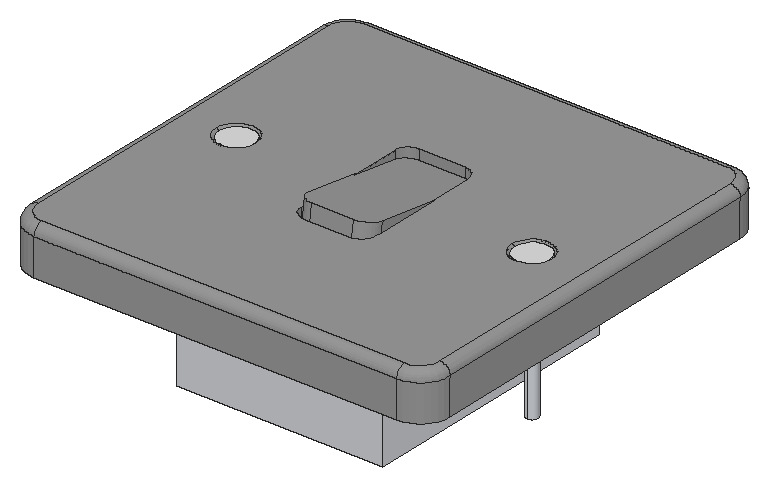
Revit family "ElectricalFixture_WiringAccessories_Hager_Sollysta_IntermediateSwitches", category Lighting Fixtures, host Face, Revit 2015
Parameters (values of type "WMPS16")
  Warranty ID = ""
  Voltage (Volts) = "230V/240V"
  Unique Reference = "WMPS16"
  Type = "ElectricalFixture"
  Technical Description = "IntermediateSwitch"
  Switch Width = 15.0 mm
  Switch = yes
  Supply Phase = "1"
  Size = ""
  Shipping Weight kg = "0.188"
  Shape = "Rectangular"
  Reference Standard = "BS 1363-2"
  Product URL = "http://www.hager.co.uk/product-catalogue/wiring-accessories/sollysta/white-moulded/white-moulded-sockets/58428.htm"
  Product Range = "Sollysta"
  Product Model Number = "WMPS16"
  Product Literature = "http://www.hager.co.uk/product-catalogue/wiring-accessories/sollysta/38662.htm"
  Product Group = "WiringAccessories"
  Product Family = "WhiteMouldedSwitches_IntermediateSwitch"
  Packaging Recyclable = yes
  Overall Width = 0.0 mm
  Overall Length = 86.0 mm
  Overall Height = 86.0 mm
  Overall Depth = 26.07 mm
  Operation and Maintenance Manual = ""
  Name = "WhiteMouldedSwitches_IntermediateSwitch_WMPS16"
  Measurement Units = "mm"
  Material = Urea Formaldehyde Thermoset Plastic
  Manufacturer Website = "http://www.hager.co.uk/"
  Manufacturer Country = "United Kingdom"
  Manufacturer = "Hager"
  LED Indicator Switch = no
  Gross Weight kg = "0.165"
  Frequency = "50/60Hz"
  Finish = "Gloss"
  Features = "IntermediateSwitch"
  Extrusion From Wall = 11.921 mm
  Expected Life = "25 years"
  EAN Code = "5015652260790"
  Design Country = "China"
  Description = "IntermediateSwitch"
  Default Elevation = 1219.2 mm
  Colour = "SollystaWhite"
  CE Approval = yes
Types (2, lengths in mm): name | Unique Reference | Technical Description | Switch Width | Product Model Number | Name | Features | EAN Code | Description
  WMPS16 | "WMPS16" | "IntermediateSwitch" | 15.0 | "WMPS16" | "WhiteMouldedSwitches_IntermediateSwitch_WMPS16" | "IntermediateSwitch" | "5015652260790" | "IntermediateSwitch"
  WMPS16W | "WMPS16W" | "IntermediateSwitchWideRocker" | 37.0 | "WMPS16W" | "WhiteMouldedSwitches_IntermediateSwitch_WMPS16W" | "IntermediateSwitchWideRocker" | "5015652261759" | "IntermediateSwitchWideRocker"
Reference planes
  plane 1 "Center (Front/Back)": y = 0
  plane 2: z = 0
  plane 3 "Center (Left/Right)": x = -11.5
  plane 4: y = -43
  plane 5: y = 43
  plane 6: x = -54.5
  plane 7: x = 31.5
  plane 8: z = 9.47
  plane 9: z = -16.6
  plane 10: z = 11.921
  plane 11: y = -471.393
  plane 12: z = -20.53
  plane 13: x = -41.65
  plane 14: x = 18.65
  plane 15: x = -19
  plane 16: x = -4
Forms (mm)
  Extrusion 1, solid, material "Urea Formaldehyde Thermoset Plastic", detail levels fine
    sketch origin (0, 0, 0) x (1, 0, 0) y (0, 1, 0)
      loop
        arc (-54.5, -37.005) -> (-52.744, -41.244) -> (-48.505, -43) r 5.995
        line (-48.505, -43) -> (25.483, -43)
        arc (25.483, -43) -> (29.738, -41.238) -> (31.5, -36.983) r 6.017
        line (31.5, -36.983) -> (31.5, 37.035)
        arc (31.5, 37.035) -> (29.753, 41.253) -> (25.535, 43) r 5.965
        line (25.535, 43) -> (-48.518, 43)
        arc (-48.518, 43) -> (-52.748, 41.248) -> (-54.5, 37.018) r 5.982
        line (-54.5, 37.018) -> (-54.5, -37.005)
      loop
        circle (-41.65, 0) r 3.228
      loop
        circle (18.65, 0) r 3.228
      loop
        line (-4, -11.794) -> (-4, 11.928)
        arc (-4, 11.928) -> (-4.823, 13.914) -> (-6.808, 14.736) r 2.808
        line (-6.808, 14.736) -> (-16.265, 14.736)
        arc (-16.265, 14.736) -> (-18.199, 13.935) -> (-19, 12.001) r 2.735
        line (-19, 12.001) -> (-19, -11.881)
        arc (-19, -11.881) -> (-18.211, -13.786) -> (-16.306, -14.576) r 2.694
        line (-16.306, -14.576) -> (-6.781, -14.576)
        arc (-6.781, -14.576) -> (-4.815, -13.761) -> (-4, -11.794) r 2.781
    from 0 to 9.47
  Sweep 2, void
    path origin (0, 0, 0) x (1, 0, 0) y (0, 1, 0)
      loop
        line (-54.5, 37.018) -> (-54.5, -37.005)
        arc (-54.5, -37.005) -> (-52.744, -41.244) -> (-48.505, -43) r 5.995
        line (-48.505, -43) -> (25.483, -43)
        arc (25.483, -43) -> (29.738, -41.238) -> (31.5, -36.983) r 6.017
        line (31.5, -36.983) -> (31.5, 37.035)
        arc (31.5, 37.035) -> (29.753, 41.253) -> (25.535, 43) r 5.965
        line (25.535, 43) -> (-48.518, 43)
        arc (-48.518, 43) -> (-52.748, 41.248) -> (-54.5, 37.018) r 5.982
    profile origin (-54.5, 0.007, 0) x (1, 0, 0) y (0, 0, 1)
      loop
        line (0, 9.47) -> (0, 7.462)
        arc (0, 7.462) -> (0.588, 8.882) -> (2.008, 9.47) r 2.008
        line (2.008, 9.47) -> (0, 9.47)
  Sweep 3, void
    path origin (0, 0, 0) x (1, 0, 0) y (0, 1, 0)
      loop
        circle (18.65, 0) r 3.228
    profile origin (18.65, 3.228, 0) x (0, -1, 0) y (0, 0, 1)
      loop
        line (0, 9.47) -> (-0.814, 9.47)
        arc (-0.814, 9.47) -> (-0.347, 9.123) -> (0, 8.656) r 2
        line (0, 8.656) -> (0, 9.47)
  Sweep 4, void
    path origin (0, 0, 0) x (1, 0, 0) y (0, 1, 0)
      loop
        circle (-41.65, 0) r 3.228
    profile origin (-41.65, 3.228, 0) x (0, 1, 0) y (0, 0, 1)
      loop
        line (0, 9.47) -> (0, 8.656)
        arc (0, 8.656) -> (0.346, 9.124) -> (0.814, 9.47) r 1.964
        line (0.814, 9.47) -> (0, 9.47)
  Extrusion 5, solid, material "Steel, Chrome Plated", detail levels fine
    sketch origin (0, 0, 0) x (1, 0, 0) y (0, 1, 0)
      loop
        circle (-41.65, 0) r 3.542
    from -1.167 to 9.196
  Extrusion 6, solid, material "Steel, Chrome Plated", detail levels fine
    sketch origin (0, 0, 0) x (-1, 0, 0) y (0, -1, 0)
      loop
        circle (-18.65, 0) r 3.542
    from -1.167 to 9.196
  Extrusion 7, solid, material "Urea Formaldehyde Thermoset Plastic", detail levels medium
    sketch origin (0, 0, 0) x (1, 0, 0) y (0, 1, 0)
      loop
        line (-54.5, 43) -> (-54.5, -43) -> (31.5, -43) -> (31.5, 43) -> (-54.5, 43)
    from 0 to 9.47
  Extrusion 8, solid
    sketch origin (-184.307, 0, -1.167) x (0, 1, 0) y (-1, 0, 0)
      loop
        circle (0, -142.657) r 1.2
    from 0 to 19.363
  Extrusion 9, solid
    sketch origin (0, 0, -1.167) x (0, -1, 0) y (1, 0, 0)
      loop
        circle (0, 18.65) r 1.2
    from 0 to 19.363
  Extrusion 10, solid, material "Urea Formaldehyde Thermoset Plastic", detail levels medium
    sketch origin (0, 0, 0) x (1, 0, 0) y (0, 1, 0)
      loop
        line (-54.5, -43) -> (31.5, -43) -> (31.5, 43) -> (-54.5, 43) -> (-54.5, -43)
    from 0 to 9.47
  Extrusion 11, solid, material "Urea Formaldehyde Thermoset Plastic", visible <- "Switch", detail levels fine
    sketch origin (-18.717, -20.33, 3.542) x (1, 0, 0) y (0, 0.987688, -0.156434)
      loop
        arc (-0.283, 9.104) -> (0.652, 6.845) -> (2.911, 5.91) r 3.194
        line (2.911, 5.91) -> (11.436, 5.91)
        arc (11.436, 5.91) -> (13.756, 6.871) -> (14.717, 9.191) r 3.281
        line (14.717, 9.191) -> (14.717, 32.07)
        arc (14.717, 32.07) -> (13.748, 34.409) -> (11.408, 35.378) r 3.308
        line (11.408, 35.378) -> (2.952, 35.378)
        arc (2.952, 35.378) -> (0.664, 34.431) -> (-0.283, 32.143) r 3.235
        line (-0.283, 32.143) -> (-0.283, 9.104)
    from 0 to 9.42
  Extrusion 12, solid, detail levels medium+fine
    sketch origin (0, 0, 0) x (1, 0, 0) y (0, 1, 0)
      loop
        line (-31.573, 27.21) -> (-31.573, -27.79) -> (10.489, -27.79) -> (10.489, 27.21) -> (-31.573, 27.21)
    from -20.53 to 0
Cuts and joins
  Sweep 2, Sweep 3, Sweep 4 cuts Extrusion 1
Lines and regions (mm)
  symbolic lines, not visible, detail levels coarse
    curve 1: line (73.42, -504.912, 19.451) -> (3.42, -504.912, 19.451)
    curve 2: arc (73.42, -504.912, 19.451) -> (38.42, -504.912, 54.451) -> (3.42, -504.912, 19.451) r 35
    curve 3: circle (38.42, -504.912, 54.451) r 6 normal (0, 1, 0)
    curve 4: line (38.42, -504.912, 54.451) -> (38.42, -504.912, 99.451)
    curve 5: line (38.42, -504.912, 99.451) -> (68.42, -504.912, 99.451)
    curve 6: line (38.42, -504.912, 54.451) -> (10.78, -504.912, 87.391)
    curve 7: line (10.78, -504.912, 87.391) -> (-3.315, -504.912, 75.564)
    curve 8: line (0.509, -504.912, 19.451) -> (-69.491, -504.912, 19.451)
    curve 9: arc (0.509, -504.912, 19.451) -> (-34.491, -504.912, 54.451) -> (-69.491, -504.912, 19.451) r 35
    curve 10: circle (-34.491, -504.912, 54.451) r 6 normal (0, 1, 0)
    curve 11: line (-34.491, -504.912, 54.451) -> (-34.491, -504.912, 99.451)
    curve 12: line (-34.491, -504.912, 99.451) -> (-4.491, -504.912, 99.451)
    curve 13: line (-34.491, -504.912, 54.451) -> (-62.13, -504.912, 87.391)
    curve 14: line (-62.13, -504.912, 87.391) -> (-76.226, -504.912, 75.564)
  model lines, detail levels coarse
    curve 15: line (-54.5, 43, 0) -> (31.5, 43, 0)
    curve 16: line (-54.5, -43, 0) -> (-54.5, 43, 0)
    curve 17: line (31.5, -43, 0) -> (-54.5, -43, 0)
    curve 18: line (31.5, 43, 0) -> (31.5, -43, 0)
    curve 19: arc (-37.608, 0, 0) -> (-41.65, -4.042, 0) -> (-45.692, 0, 0) r 4.042
    curve 20: arc (-45.692, 0, 0) -> (-41.65, 4.042, 0) -> (-37.608, 0, 0) r 4.042
    curve 21: arc (22.692, 0, 0) -> (18.65, -4.042, 0) -> (14.608, 0, 0) r 4.042
    curve 22: arc (14.608, 0, 0) -> (18.65, 4.042, 0) -> (22.692, 0, 0) r 4.042
  symbolic lines, detail levels coarse
    curve 23: circle (33.188, -504.912, 13.061) r 13.061 normal (0, -1, 0)
    curve 24: line (20.133, -504.912, 13.459) -> (-62.078, -504.912, 13.459)
  model lines
    curve 25: line (-19, 12.891, 0) -> (-19, -11.881, 0)
    curve 26: line (-4, 12.819, 0) -> (-4, -11.794, 0)
    curve 27: line (-7.308, 16.086, 0) -> (-15.765, 16.086, 0)
    curve 28: line (-6.781, -14.576, 0) -> (-16.306, -14.576, 0)
    curve 29: arc (-16.306, -14.576, 0) -> (-18.211, -13.786, 0) -> (-19, -11.881, 0) r 2.694
    curve 30: arc (-4, -11.794, 0) -> (-4.815, -13.761, 0) -> (-6.781, -14.576, 0) r 2.781
    curve 31: spline (-15.765, 16.086, 0) -> (-16.187, 16.059, 0) -> (-16.602, 15.977, 0) -> (-17.003, 15.843, 0) -> (-17.383, 15.658, 0) -> (-17.734, 15.426, 0) -> (-18.053, 15.15, 0) -> (-18.332, 14.836, 0) -> (-18.567, 14.489, 0) -> (-18.754, 14.114, 0) -> (-18.89, 13.718, 0) -> (-18.972, 13.308, 0) -> (-19, 12.891, 0)
    curve 32: spline (-4, 12.819, 0) -> (-4.028, 13.245, 0) -> (-4.113, 13.664, 0) -> (-4.252, 14.069, 0) -> (-4.443, 14.452, 0) -> (-4.684, 14.808, 0) -> (-4.969, 15.129, 0) -> (-5.294, 15.411, 0) -> (-5.654, 15.649, 0) -> (-6.042, 15.838, 0) -> (-6.452, 15.975, 0) -> (-6.877, 16.058, 0) -> (-7.308, 16.086, 0)
Dimensions and locks
  plane 10 to plane 9 = 28.521 mm
  plane 8 to plane 9 = 26.07 mm
  plane 2 to plane 9 = 16.6 mm
  "Overall Length": plane 6 to plane 7
  "Overall Height": plane 4 to plane 5
  "Overall Depth": plane 9 to plane 8
  plane 2 to plane 10 = 11.921 mm
  plane 8 to plane 12 = 30.0 mm
  locked: plane 14 to plane 7 at 12.85
  locked: plane 6 to plane 13 at 12.85
  equal spacing: plane 6, plane 3 "Center (Left/Right)", plane 7
  equal spacing: plane 15, plane 3 "Center (Left/Right)", plane 16
  "Switch Width": plane 15 to plane 16
  aligned and locked: plane 2 to host face
  aligned and locked: level to host face
  aligned and locked: Extrusion 1 to plane 8
  aligned and locked: Extrusion 7 to plane 8
  aligned and locked: Extrusion 6 to Extrusion 8
  aligned and locked: Extrusion 9 to Extrusion 5
  aligned and locked: plane 12 to Extrusion 9
  aligned and locked: Extrusion 10 to plane 8
  aligned and locked: Extrusion 10 to level
  aligned and locked: plane 16 to cut or joined group of Extrusion 1, Sweep 2, Sweep 3, Sweep 4
  aligned and locked: Extrusion 1 sketch curve to plane 15
  aligned and locked: plane 14 to Extrusion 9 sketch curve
  aligned and locked: plane 13 to Extrusion 8 sketch curve
  aligned and locked: plane 15 to Extrusion 11 sketch curve
  aligned and locked: Extrusion 11 sketch curve to plane 16
  aligned and locked: curve 25 to plane 15
  aligned and locked: curve 26 to plane 16
  aligned and locked: curve 27 to Extrusion 11
  aligned and locked: curve 29 to cut or joined group of Extrusion 1, Sweep 2, Sweep 3, Sweep 4
  aligned and locked: curve 30 to cut or joined group of Extrusion 1, Sweep 2, Sweep 3, Sweep 4
  aligned and locked: Extrusion 8 to Extrusion 12
  aligned and locked: level to Extrusion 12
Automatic sketch dimensions
  host sketch curve to host sketch curve = 2438.4 mm  (x2)
  Sweep 2 sketch curve to plane 6 = 0.0 mm
  plane 5 to Sweep 2 sketch curve = 0.0 mm
  plane 4 to Sweep 2 sketch curve = 0.0 mm
  Sweep 2 sketch curve to Sweep 2 sketch curve = 5.982 mm
  plane 6 to Sweep 2 sketch curve = 5.995 mm
  Sweep 2 sketch curve to plane 7 = 6.017 mm
  Sweep 2 sketch curve to plane 7 = 5.965 mm
  plane 7 to Sweep 2 sketch curve = 0.0 mm
  profile plane to Sweep 2 sketch curve = 0.0 mm
  Sweep 2 sketch curve to Sweep 2 sketch curve = 2.008 mm
  level to Sweep 2 sketch curve = 7.462 mm
  plane 1 "Center (Front/Back)" to Sweep 3 sketch curve = 0.0 mm
  Sweep 3 sketch curve to plane 14 = 0.0 mm
  Sweep 3 sketch curve to profile plane = 0.0 mm
  Sweep 3 sketch curve to Sweep 3 sketch curve = 0.814 mm
  profile plane to Sweep 3 sketch curve = 1.761 mm
  level to Sweep 3 sketch curve = 7.709 mm
  Sweep 3 sketch curve to Sweep 3 sketch curve = 0.947 mm
  Sweep 4 sketch curve to Sweep 4 sketch curve = 0.0 mm  (x2)
  plane 1 "Center (Front/Back)" to Sweep 4 sketch curve = 0.0 mm
  Sweep 4 sketch curve to plane 13 = 0.0 mm
  Sweep 4 sketch curve to plane 13 = 3.228 mm
  Sweep 4 sketch curve to profile plane = 0.0 mm
  Sweep 4 sketch curve to profile plane = 0.814 mm
  Sweep 4 sketch curve to profile plane = 1.735 mm
  level to Sweep 4 sketch curve = 7.735 mm
  Sweep 4 sketch curve to Sweep 4 sketch curve = 0.921 mm
  Extrusion 5 sketch curve to Extrusion 5 sketch curve = 0.0 mm  (x2)
  plane 1 "Center (Front/Back)" to Extrusion 5 sketch curve = 0.0 mm
  Extrusion 5 sketch curve to plane 13 = 0.0 mm
  Extrusion 5 sketch curve to plane 13 = 3.542 mm
  Extrusion 6 sketch curve to Extrusion 6 sketch curve = 0.0 mm  (x2)
  plane 1 "Center (Front/Back)" to Extrusion 6 sketch curve = 0.0 mm
  plane 14 to Extrusion 6 sketch curve = 0.0 mm
  Extrusion 6 sketch curve to plane 14 = 3.542 mm
  plane 4 to Extrusion 7 sketch curve = 0.0 mm
  Extrusion 7 sketch curve to plane 6 = 0.0 mm
  Extrusion 7 sketch curve to plane 7 = 0.0 mm
  plane 5 to Extrusion 7 sketch curve = 0.0 mm
  plane 5 to Extrusion 10 sketch curve = 0.0 mm
  Extrusion 10 sketch curve to plane 6 = 0.0 mm
  Extrusion 10 sketch curve to plane 7 = 0.0 mm
  plane 4 to Extrusion 10 sketch curve = 0.0 mm
  curve 19 to curve 20 = 0.0 mm  (x2)
  curve 21 to curve 22 = 0.0 mm  (x2)
  plane 4 to curve 17 = 0.0 mm
  curve 17 to plane 6 = 0.0 mm
  plane 1 "Center (Front/Back)" to curve 19 = 0.0 mm
  curve 20 to plane 13 = 0.0 mm
  plane 1 "Center (Front/Back)" to curve 21 = 0.0 mm
  curve 22 to plane 14 = 0.0 mm
  curve 17 to plane 7 = 0.0 mm
  plane 5 to curve 16 = 0.0 mm
  curve 19 to plane 13 = 4.042 mm
  curve 21 to curve 21 = 4.042 mm
  Extrusion 1 sketch curve to plane 6 = 0.0 mm
  plane 5 to Extrusion 1 sketch curve = 0.0 mm
  plane 4 to Extrusion 1 sketch curve = 0.0 mm
  plane 1 "Center (Front/Back)" to Extrusion 1 sketch curve = 0.0 mm  (x2)
  Extrusion 1 sketch curve to plane 13 = 0.0 mm
  Extrusion 1 sketch curve to plane 16 = 0.0 mm
  Extrusion 1 sketch curve to plane 14 = 0.0 mm
  plane 6 to Extrusion 1 sketch curve = 5.982 mm
  plane 6 to Extrusion 1 sketch curve = 5.995 mm
  plane 15 to Extrusion 1 sketch curve = 2.694 mm
  plane 15 to Extrusion 1 sketch curve = 2.735 mm
  Extrusion 1 sketch curve to Extrusion 1 sketch curve = 2.808 mm
  Extrusion 1 sketch curve to plane 16 = 2.781 mm
  Extrusion 1 sketch curve to plane 7 = 6.017 mm
  Extrusion 1 sketch curve to plane 7 = 5.965 mm
  plane 7 to Extrusion 1 sketch curve = 0.0 mm
  plane 1 "Center (Front/Back)" to Extrusion 1 sketch curve = 14.576 mm
  Extrusion 1 sketch curve to plane 1 "Center (Front/Back)" = 11.928 mm
  Extrusion 11 sketch curve to Extrusion 11 sketch curve = 3.194 mm
  Extrusion 11 sketch curve to Extrusion 11 sketch curve = 3.235 mm
  Extrusion 11 sketch curve to plane 16 = 3.308 mm
  Extrusion 11 sketch curve to plane 16 = 3.281 mm
  Extrusion 11 sketch curve to Extrusion 11 sketch curve = 22.879 mm
  plane 7 to curve 23 = 1.688 mm
  curve 23 to plane 10 = 1.141 mm
  plane 14 to curve 24 = 1.483 mm
  curve 24 to plane 10 = 1.538 mm
  curve 24 to plane 6 = 7.578 mm
  plane 15 to curve 27 = 3.235 mm
  curve 27 to plane 16 = 3.308 mm
  curve 31 to curve 31 = 3.195 mm
  curve 32 to curve 32 = 3.268 mm
  plane 13 to Extrusion 12 sketch curve = 10.077 mm
  Extrusion 12 sketch curve to plane 14 = 8.161 mm
  Extrusion 12 sketch curve to plane 4 = 15.21 mm
  plane 5 to Extrusion 12 sketch curve = 15.79 mm
  radius of Sweep 3 sketch curve = 3.228 mm
  radius of Extrusion 8 sketch curve = 1.2 mm
  radius of Extrusion 9 sketch curve = 1.2 mm
  radius of Extrusion 1 sketch curve = 3.228 mm  (x2)
Connectors
  electrical at (-11.501, 0.008, 0)
    settings: on cut or joined group of Extrusion 1, Sweep 2, Sweep 3, Sweep 4, index 1, voltage 230 V, apparent load 0 VA, apparent load phase1 0 VA, apparent load phase2 0 VA, apparent load phase3 0 VA, power factor 1, load classification "Other", number of poles 1, system type 31, power factor state 1, is connector primary yes, connector utility no, sub classification motor no, connector description ""
